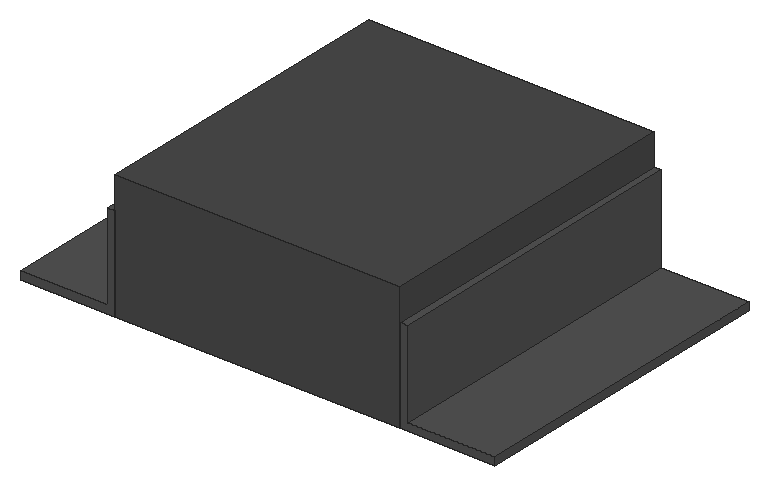
Revit family "DockEquipment_Accessories_SuperSeal_DockBumpers-Laminated", category Generic Models, Revit 2014
Parameters
  offset [instance] = 0' - 10 3/4"
  Warranty Duration (Years) = 0
  Unit Width [instance] = 1' - 3"
  Unit Height [instance] = 0' - 10"
  Unit Depth = 0' - 4"
  URL = "http://www.supersealmfg.com/"
  Specification = ""
  SpecWizard = ""
  Angle Material = Metal - Steel - Super Seal - Painted - Black
  Send Message = "http://www.arcat.com/users.pl?action=UserEmail&company=Super-Seal%20Mfg.%20Ltd&coid=44693&rep=119&fax=905-850-4440 &mf="
  Sales Information = "http://www.supersealmfg.com/ContactUs.htm"
  Revision = "R1_07-2011"
  Product Properties = ""
  Product Data = "http://arcat.com/arcatcos/cos44/arc44693.html?isac=1&r=1"
  Model = "As Specified"
  Material = Rubber - Super Seal - Black Laminated
  Manufacturer Website = "http://www.supersealmfg.com/"
  Manufacturer Phone - Toll Free = "800-337-3239 "
  Manufacturer Phone = "800-337-3239 "
  Manufacturer Fax = "905-850-4440 "
  Manufacturer Address = "670 Rowntree Dairy Rd. Woodbridge , ON, Canada L4L-5T8"
  Manufacturer = "Super-Seal Mfg. Ltd"
  Maintenance Schedule (Months) = 0
  Keynote = ""
  Installation-Fabrication = ""
  Installation Phase = ""
  Green Building-LEED = ""
  Expected Lifespan (Years) = 0
  Drawn By = "Sumex Design, Inc. / Robert S. Weygant, CSI, CDT, SCIP"
  Description = "Super Seal"
  Default Elevation = 4' - 0"
  Copyright = "©Arcat Inc."
  Construction Details = "http://arcat.com/details/supersea/supersea.html?coid=44693"
  Assembly Code = ""
Reference planes (in)
  plane 1 "Center (Front/Back)": y = 0
  plane 2 "Bottom": z = 0
  plane 3 "Center (Left/Right)": x = 0
  plane 4 "Front": y = -5
  plane 5 "Left": x = -7.5
  plane 6 "Right": x = 7.5
  plane 7 "Top": z = 4
  plane 8: y = 5
  plane 9: x = -4.5
  plane 10: x = 4.5
  plane 11: z = 3
Forms (in)
  Extrusion 1, solid, material "Metal - Steel - Super Seal - Painted - Black" <- "Angle Material"
    sketch origin (-84.43441, 5, 48) x (-1, 0, 0) y (0, 0, 1)
      loop
        line (-76.93441, -48) -> (-76.93441, -47.75) -> (-79.68441, -47.75) -> (-79.68441, -45) -> (-79.93441, -45) -> (-79.93441, -48) -> (-76.93441, -48)
      loop
        line (-91.93441, -48) -> (-88.93441, -48) -> (-88.93441, -45) -> (-89.18441, -45) -> (-89.18441, -47.75) -> (-91.93441, -47.75) -> (-91.93441, -48)
    from 0 to -10
  Extrusion 2, solid, material "Rubber - Super Seal - Black Laminated" <- "Material"
    sketch origin (0, 0, 0) x (1, 0, 0) y (0, 1, 0)
      loop
        line (-4.5, 5) -> (-4.5, -5) -> (4.5, -5) -> (4.5, 5) -> (-4.5, 5)
    from 0 to 4
Dimensions and locks (in)
  equal spacing: plane 5 "Left", plane 3 "Center (Left/Right)", plane 6 "Right"
  "Unit Width": plane 5 "Left" to plane 6 "Right"
  equal spacing: plane 8, plane 1 "Center (Front/Back)", plane 4 "Front"
  "Unit Depth": plane 7 "Top" to level
  "Unit Height": plane 8 to plane 4 "Front"
  locked: plane 10 to plane 6 "Right" at 3
  locked: plane 5 "Left" to plane 9 at 3
  locked: plane 11 to level at 3
  aligned and locked: Extrusion 1 to plane 4 "Front"
  aligned and locked: plane 7 "Top" to Extrusion 2
Automatic sketch dimensions
  Extrusion 1 sketch curve to level = 0' - 0"  (x2)
  Extrusion 1 sketch curve to plane 6 "Right" = 0' - 0"
  Extrusion 1 sketch curve to plane 11 = 0' - 0"  (x2)
  Extrusion 1 sketch curve to plane 10 = 0' - 0"
  Extrusion 1 sketch curve to plane 9 = 0' - 0"
  Extrusion 1 sketch curve to plane 5 "Left" = 0' - 0"
  Extrusion 1 sketch curve to Extrusion 1 sketch curve = 0' - 0 1/4"  (x3)
  level to Extrusion 1 sketch curve = 0' - 0 1/4"
  Extrusion 2 sketch curve to plane 4 "Front" = 0' - 0"
  Extrusion 2 sketch curve to plane 9 = 0' - 0"
  Extrusion 2 sketch curve to plane 10 = 0' - 0"
  Extrusion 2 sketch curve to plane 8 = 0' - 0"
